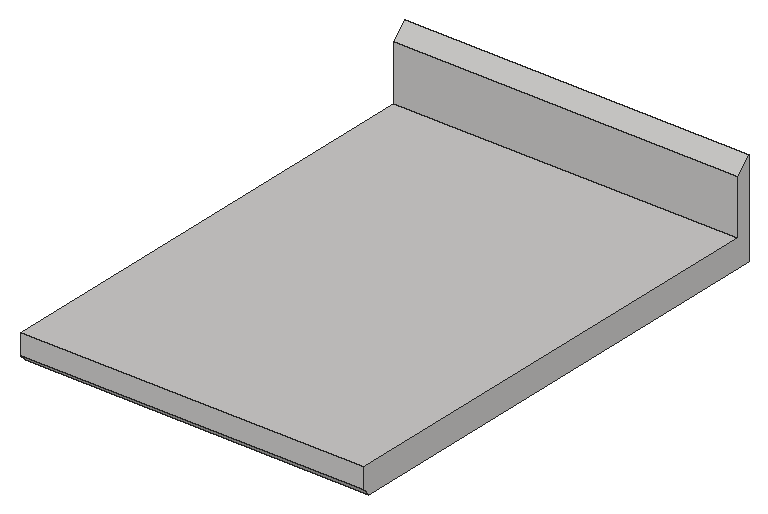
Revit family "QF_ELECTROLUXPROFESSIONAL_121131_TPLA5A", category Attrezzature speciali, Revit 2020
Family settings
  Quota connettore circolare = Usa diametro
  Tipo di parte = Normale
  Basato su piano di lavoro = No
  Sempre verticale = Sì
  Taglio con vuoti quando caricato = No
  Condiviso = No
  Punto di calcolo locali = No
Parameters (values of type "Standard")
  Weight = 17.00 kg
  Watts = 0 W
  Volts = 0 V
  URL Manufacturer = "https://www.electroluxprofessional.com/"
  URL = "https://www.electroluxprofessional.com/"
  Steam Supply Size = 0 mm
  Steam Supply Minimum Pressure = 0.0 Pa
  Steam Supply Maximum Pressure = 0.0 Pa
  Steam Consumption per Hour = 0
  Refrigeration Suction Line Size = 0.0 mm
  Refrigeration Liquid Line Size = 0.0 mm
  Refrigerant Compressor Remote = yes
  Prospetto di default = 0.0 mm
  Phase = 0
  Modello = "TPLA5A"
  Produttore = "Electrolux Professional"
  Length Actual = 500.0 mm  # constant formula
  Item Number = "121131"
  Hot Water Size = 0 mm
  Height Actual = 140.0 mm  # constant formula
  HP = "0 HP"
  Gas Size = 0 mm
  Gas KW = 0
  Gas Input Pressure = 0 W
  Direct Waste Size = 0 mm
  Descrizione = "WORK TOP WITH UPSTAND 500MM"
  Depth Actual = 700.0 mm  # constant formula
  Cycle = 0 Hz
  Condensate Return Size = 0 mm
  Compressed Air Volume = 0.0 L/s
  Compressed Air Size = 0 mm
  Compressed Air Pressure = 0.0 Pa
  Cold Water Size = 0 mm
  Accessory = yes
Reference planes
  plane 1 "Center (Front/Back)": y = 0
  plane 2: z = 0
  plane 3 "Center (Left/Right)": x = 250
  plane 4 "LEFT": x = 0
  plane 5 "RIGHT": x = 500
  plane 6 "BACK": y = 350
  plane 7 "FRONT": y = -350
  plane 8 "TOP": z = 1000
  plane 9: z = 900
  plane 10: z = 860
Forms (mm)
  Extrusion 1, solid, material "QF_Finishes_Stainless Steel"
    sketch origin (250, 0, 0) x (0, 1, 0) y (0, 0, 1)
      loop
        line (350, 1000) -> (330, 980) -> (330, 900) -> (-350, 900) -> (-350, 870) -> (-340, 860) -> (350, 860) -> (350, 1000)
    from 250 to -250
Lines and regions (mm)
  symbolic lines
    curve 1: line (500, 350, 1000) -> (0, 350, 1000)
    curve 2: line (0, 350, 1000) -> (0, -350, 1000)
    curve 3: line (0, -350, 1000) -> (500, -350, 1000)
    curve 4: line (500, -350, 1000) -> (500, 350, 1000)
    curve 5: line (0, 330, 1000) -> (500, 330, 1000)
Dimensions and locks
  plane 4 "LEFT" to plane 5 "RIGHT" = 500.0 mm
  equal spacing: plane 4 "LEFT", plane 3 "Center (Left/Right)", plane 5 "RIGHT"
  plane 6 "BACK" to plane 7 "FRONT" = 700.0 mm
  equal spacing: plane 6 "BACK", plane 1 "Center (Front/Back)", plane 7 "FRONT"
  locked: plane 8 "TOP" to plane 9 at 100
  locked: plane 6 "BACK" to Extrusion 1 sketch curve at 20
  plane 10 to level = 860.0 mm
  plane 8 "TOP" to plane 10 = 140.0 mm
  aligned and locked: level to plane 2
  aligned and locked: Extrusion 1 to plane 4 "LEFT"
  aligned and locked: plane 5 "RIGHT" to Extrusion 1
  aligned and locked: curve 2 to plane 4 "LEFT"
  aligned and locked: Extrusion 1 sketch curve to plane 9
  aligned and locked: Extrusion 1 sketch curve to plane 6 "BACK"
  aligned and locked: plane 7 "FRONT" to Extrusion 1 sketch curve
  aligned and locked: plane 10 to Extrusion 1 sketch curve
Automatic sketch dimensions
  curve 3 to plane 7 "FRONT" = 0.0 mm
  curve 4 to plane 5 "RIGHT" = 0.0 mm
  curve 4 to plane 6 "BACK" = 0.0 mm
  curve 5 to plane 6 "BACK" = 20.0 mm
  Extrusion 1 sketch curve to plane 8 "TOP" = 0.0 mm
  Extrusion 1 sketch curve to plane 8 "TOP" = 20.0 mm
  plane 7 "FRONT" to Extrusion 1 sketch curve = 10.0 mm
  level to Extrusion 1 sketch curve = 870.0 mm
